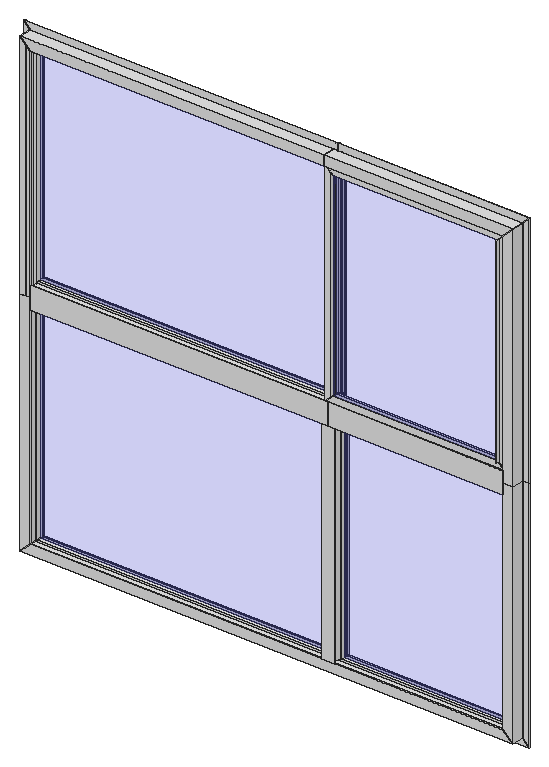
Revit family "531_XOAT_stucco-key", category Windows, host Wall, Revit 2016
Family settings
  Host = Wall
  OmniClass Number = 23.30.20.00
  OmniClass Title = Windows
  Always vertical = Yes
  Cut with Voids When Loaded = No
  Shared = No
  Room Calculation Point = No
Parameters (values of type "96x90")
  Vbs = 36"
  MLW = 1 / 8 * HBS  # 5 5/8"
  Interior Color [instance] = White
  Height = 90"
  HBS = 1 / 2 * Height  # 45"
  Exterior Color [instance] = White
  Default Sill Height = 31.49606"
  Wall Closure = By host
  Width = 96"
Reference planes (in)
  plane 1 "Center (Front/Back)": y = 0
  plane 2 "Center (Left/Right)": x = 0
  plane 3 "Left": x = -48
  plane 4 "Right": x = 48
  plane 5 "Sill": z = 31.49606
  plane 6 "Head": z = 121.49606
  plane 7 "Exterior": y = 3.93701
  plane 8 "Interior": y = -3.93701
  plane 9 "Front of wall": y = 3.93701
  plane 10 "Hbs": z = 76.49606
  plane 11 "Vbs": x = 12
  plane 12: z = 32.89506
  plane 13: z = 74.88606
  plane 14: z = 120.09606
  plane 15: z = 79.26906
  plane 16: z = 118.97106
  plane 17: x = -46.60043
  plane 18: x = 11.65748
  plane 19: x = 12.15652
  plane 20: x = 45.4786
  plane 21: x = 12.7501
  plane 22: x = 46.6001
  plane 23: x = 11.2499
  plane 24: x = 11.15652
  plane 25: z = 78.10506
  plane 26 "Front of glass": y = 4.55851
Forms (in)
  Extrusion 1, solid, material "White" <- "Interior Color"
    sketch origin (12, 0, 0) x (0, 0, 1) y (0, -1, 0)
      loop
        line (33.39606, -1.50201) -> (31.49606, -1.50201) -> (31.49606, -3.93701) -> (30.24606, -3.93701) -> (30.24606, -4.00201) -> (31.49606, -4.00201) -> (31.49606, -4.93701) -> (31.29606, -4.93701) -> (31.29606, -5.00201) -> (32.77106, -5.00201) -> (32.77106, -4.96191) -> (33.33406, -4.96191) -> (33.33406, -4.59801) -> (33.35932, -4.55851) -> (32.89506, -4.55851) -> (32.89506, -3.81451) -> (33.39606, -3.81451) -> (33.39606, -3.20201) -> (33.05106, -3.20201) -> (33.05106, -1.70201) -> (33.39606, -1.70201) -> (33.39606, -1.50201)
    from 37.25 to -61.25
  Extrusion 2, solid, material "White" <- "Interior Color"
    sketch origin (12, 0, 0) x (0, 0, 1) y (0, -1, 0)
      loop
        line (78.60606, -1.50201) -> (74.38606, -1.50201) -> (74.38606, -1.70201) -> (74.73115, -1.70201) -> (74.73115, -3.20201) -> (74.38606, -3.20201) -> (74.38606, -3.81451) -> (74.88606, -3.81451) -> (74.88606, -4.55851) -> (74.42281, -4.55851) -> (74.44806, -4.59801) -> (74.44806, -4.96191) -> (75.01106, -4.96191) -> (75.01106, -5.00201) -> (77.98106, -5.00201) -> (77.98106, -4.96191) -> (78.54406, -4.96191) -> (78.54406, -4.59801) -> (78.56932, -4.55851) -> (78.10506, -4.55851) -> (78.10506, -3.81451) -> (78.60606, -3.81451) -> (78.60606, -3.20201) -> (78.23106, -3.20201) -> (78.23106, -1.70201) -> (78.60606, -1.70201) -> (78.60606, -1.50201)
    from 0 to -60
  Extrusion 3, solid, material "White" <- "Interior Color"
    sketch origin (12, 0, 0) x (0, 0, 1) y (0, -1, 0)
      loop
        line (121.49606, -1.50201) -> (119.59606, -1.50201) -> (119.59606, -1.70201) -> (120.47106, -1.70201) -> (120.47106, -3.20201) -> (119.59606, -3.20201) -> (119.59606, -3.81451) -> (120.09606, -3.81451) -> (120.09606, -4.55851) -> (119.63281, -4.55851) -> (119.65806, -4.59801) -> (119.65806, -4.96191) -> (120.22106, -4.96191) -> (120.22106, -5.00201) -> (121.69606, -5.00201) -> (121.69606, -4.93701) -> (121.49606, -4.93701) -> (121.49606, -4.00201) -> (122.74606, -4.00201) -> (122.74606, -3.93701) -> (121.49606, -3.93701) -> (121.49606, -1.50201)
    from 0 to -61.25
  Extrusion 4, solid, material "White" <- "Interior Color"
    sketch origin (12, 0, 0) x (0, 0, 1) y (0, -1, 0)
      loop
        line (78.60606, -1.50201) -> (74.38606, -1.50201) -> (74.38606, -1.70201) -> (74.73115, -1.70201) -> (74.73115, -3.20201) -> (74.38606, -3.20201) -> (74.38606, -3.81451) -> (74.88606, -3.81451) -> (74.88606, -4.55851) -> (74.42281, -4.55851) -> (74.44806, -4.59801) -> (74.44806, -4.96191) -> (75.01106, -4.96191) -> (75.01106, -5.00201) -> (77.98106, -5.00201) -> (77.98106, -3.75201) -> (78.60606, -3.75201) -> (78.60606, -3.10201) -> (79.70706, -3.10201) -> (79.70706, -2.72801) -> (79.73232, -2.68851) -> (79.26906, -2.68851) -> (79.26906, -1.94451) -> (79.76906, -1.94451) -> (79.76906, -1.70201) -> (78.60606, -1.70201) -> (78.60606, -1.50201)
    from -0.84348 to 36
  Extrusion 5, solid, material "White" <- "Interior Color"
    sketch origin (12, 0, 0) x (0, 0, 1) y (0, -1, 0)
      loop
        line (119.59606, -1.50201) -> (119.59606, -1.70201) -> (118.47106, -1.70201) -> (118.47106, -1.94451) -> (118.97106, -1.94451) -> (118.97106, -2.68851) -> (118.50781, -2.68851) -> (118.53306, -2.72801) -> (118.53306, -3.10201) -> (119.59606, -3.10201) -> (119.59606, -3.75201) -> (120.22106, -3.75201) -> (120.22106, -5.00201) -> (121.69606, -5.00201) -> (121.69606, -4.93701) -> (121.49606, -4.93701) -> (121.49606, -4.00201) -> (122.74606, -4.00201) -> (122.74606, -3.93701) -> (121.49606, -3.93701) -> (121.49606, -1.50201) -> (119.59606, -1.50201)
    from -0.84348 to 37.25
  Extrusion 6, solid, material "White" <- "Interior Color"
    sketch origin (0, 0, 76.49606) x (-1, 0, 0) y (0, -1, 0)
      loop
        line (48, -1.50201) -> (46.1, -1.50201) -> (46.1, -1.70201) -> (46.975, -1.70201) -> (46.975, -3.20201) -> (46.10043, -3.20201) -> (46.10043, -3.81451) -> (46.60043, -3.81451) -> (46.60043, -4.55851) -> (46.13717, -4.55851) -> (46.16243, -4.59801) -> (46.16243, -4.96191) -> (46.725, -4.96191) -> (46.725, -5.00201) -> (48.2, -5.00201) -> (48.2, -4.93701) -> (48, -4.93701) -> (48, -4.00201) -> (49.25, -4.00201) -> (49.25, -3.93701) -> (48, -3.93701) -> (48, -1.50201)
    from 0 to 46.25
  Extrusion 7, solid, material "White" <- "Interior Color"
    sketch origin (0, 0, 76.49606) x (-1, 0, 0) y (0, -1, 0)
      loop
        line (-11.15652, -1.70204) -> (-12.58652, -1.70204) -> (-12.58652, -1.32659) -> (-12.65652, -1.25659) -> (-12.65652, -1.94454) -> (-12.15652, -1.94454) -> (-12.15652, -2.68854) -> (-12.61977, -2.68854) -> (-12.59452, -2.72804) -> (-12.59452, -3.20201) -> (-12.78144, -3.20201) -> (-12.78144, -3.65199) -> (-13.19644, -3.65199) -> (-13.19644, -3.75199) -> (-12.78147, -3.75199) -> (-12.78147, -4.25198) -> (-13.19648, -4.25198) -> (-13.19648, -4.35201) -> (-12.78152, -4.35201) -> (-12.78152, -4.97206) -> (-11.78152, -4.97206) -> (-11.74374, -4.96193) -> (-11.21848, -4.96193) -> (-11.21848, -4.59804) -> (-11.19323, -4.55854) -> (-11.65748, -4.55854) -> (-11.65748, -3.81454) -> (-11.15652, -3.81454) -> (-11.15652, -1.70204)
    from 0 to 45
  Extrusion 8, solid, material "White" <- "Interior Color"
    sketch origin (0, 0, 76.49606) x (-1, 0, 0) y (0, -1, 0)
      loop
        line (-48, -1.50201) -> (-48, -3.93701) -> (-49.25, -3.93701) -> (-49.25, -4.00201) -> (-48, -4.00201) -> (-48, -4.93701) -> (-48.2, -4.93701) -> (-48.2, -5.00201) -> (-46.72562, -5.00201) -> (-46.72562, -4.25201) -> (-46.85, -4.25201) -> (-46.85, -3.75201) -> (-46.1, -3.75201) -> (-46.1, -3.10201) -> (-45.0396, -3.10201) -> (-45.0396, -2.72801) -> (-45.01435, -2.68851) -> (-45.4786, -2.68851) -> (-45.4786, -1.94451) -> (-44.9776, -1.94451) -> (-44.9776, -1.26451) -> (-45.0476, -1.32656) -> (-45.0476, -1.70201) -> (-46.1, -1.70201) -> (-46.1, -1.50201) -> (-48, -1.50201)
    from 0 to 46.25
  Extrusion 9, solid, material "White" <- "Interior Color"
    sketch origin (0, 0, 31.49606) x (0, -1, 0) y (1, 0, 0)
      loop
        line (-1.50201, -48) -> (-1.50201, -46.1) -> (-1.70201, -46.1) -> (-1.70201, -46.445) -> (-3.20201, -46.445) -> (-3.20201, -46.1001) -> (-3.81451, -46.1001) -> (-3.81451, -46.60043) -> (-4.55851, -46.60043) -> (-4.55851, -46.13685) -> (-4.59801, -46.1621) -> (-4.96191, -46.1621) -> (-4.96191, -46.725) -> (-5.00201, -46.725) -> (-5.00201, -48.2) -> (-4.93701, -48.2) -> (-4.93701, -48) -> (-4.00201, -48) -> (-4.00201, -49.25) -> (-3.93701, -49.25) -> (-3.93701, -48) -> (-1.50201, -48)
    from -1.25 to 45
  Extrusion 10, solid, material "White" <- "Interior Color"
    sketch origin (0, 0, 31.49606) x (0, -1, 0) y (1, 0, 0)
      loop
        line (-1.50201, 10.7499) -> (-1.50201, 13.2501) -> (-1.70201, 13.2501) -> (-1.70201, 12.9051) -> (-3.20201, 12.9051) -> (-3.20201, 13.2501) -> (-3.81451, 13.2501) -> (-3.81451, 12.7501) -> (-4.55851, 12.7501) -> (-4.55851, 13.21336) -> (-4.59801, 13.1881) -> (-4.96191, 13.1881) -> (-4.96191, 12.6251) -> (-5.00201, 12.6251) -> (-5.00201, 11.3749) -> (-4.96191, 11.3749) -> (-4.96191, 10.8119) -> (-4.59523, 10.8119) -> (-4.55851, 10.78664) -> (-4.55851, 11.2499) -> (-3.81451, 11.2499) -> (-3.81451, 10.7499) -> (-3.20201, 10.7499) -> (-3.20201, 11.095) -> (-1.70201, 11.095) -> (-1.70201, 10.7499) -> (-1.50201, 10.7499)
    from 0 to 45
  Extrusion 11, solid, material "White" <- "Interior Color"
    sketch origin (0, 0, 31.49606) x (0, -1, 0) y (1, 0, 0)
      loop
        line (-1.50201, 46.1) -> (-1.50201, 48) -> (-3.93701, 48) -> (-3.93701, 49.25) -> (-4.00201, 49.25) -> (-4.00201, 48) -> (-4.93701, 48) -> (-4.93701, 48.2) -> (-5.00201, 48.2) -> (-5.00201, 46.725) -> (-4.96191, 46.725) -> (-4.96191, 46.1621) -> (-4.59801, 46.1621) -> (-4.55851, 46.13685) -> (-4.55851, 46.6001) -> (-3.81451, 46.6001) -> (-3.81451, 46.1001) -> (-3.20201, 46.1001) -> (-3.20201, 46.4451) -> (-1.70201, 46.4451) -> (-1.70201, 46.1) -> (-1.50201, 46.1)
    from -1.25 to 45
  Sweep 12, void
    path in 3D
      loop
        line (45.98854, 7.86527, 121.49606) -> (45.98854, 3.93701, 121.49606)
    profile origin (45.98854, 5.90114, 121.49606) x (1, 0, 0) y (0, 0, 1)
      loop
        line (3.71328, 1.70182) -> (-1.78672, -3.79818) -> (3.71328, -3.79818) -> (3.71328, 1.70182)
  Sweep 13, void
    path in 3D
      loop
        line (45.98854, 7.86527, 121.49606) -> (45.98854, 3.93701, 121.49606)
    profile origin (45.98854, 5.90114, 121.49606) x (1, 0, 0) y (0, 0, 1)
      loop
        line (3.78138, 1.76992) -> (-2.21862, 1.76992) -> (-2.21862, -4.23008) -> (3.78138, 1.76992)
  Sweep 14, void
    path in 3D
      loop
        line (46.28475, 7.75614, 76.49606) -> (46.28475, 3.93701, 76.49606)
    profile origin (46.28475, 5.84657, 76.49606) x (1, 0, 0) y (0, 0, 1)
      loop
        line (-0.18475, 2.11) -> (-1.85785, 3.7831) -> (-1.85785, -3.7831) -> (0.44025, -1.485) -> (0.44025, 1.485) -> (-0.18475, 1.485) -> (-0.18475, 2.11)
  Sweep 15, void
    path in 3D
      loop
        line (46.28475, 7.75614, 76.49606) -> (46.28475, 3.93701, 76.49606)
    profile origin (46.28475, 5.84657, 76.49606) x (1, 0, 0) y (0, 0, 1)
      loop
        line (-0.18475, 2.11) -> (-0.18475, 1.485) -> (0.44025, 1.485) -> (0.44025, -1.48689) -> (-0.97397, -2.90111) -> (3.52603, -2.90111) -> (3.52603, 3.70747) -> (-1.78222, 3.70747) -> (-0.18475, 2.11)
  Sweep 16, void
    path in 3D
      loop
        line (10.55578, 7.52813, 76.49606) -> (10.55578, 3.93701, 76.49606)
    profile origin (10.55578, 5.73257, 76.49606) x (1, 0, 0) y (0, 0, 1)
      loop
        line (0.41443, 2.29627) -> (1.2257, 1.485) -> (1.63659, 1.485) -> (1.63659, -1.485) -> (0.81911, -1.485) -> (-0.08589, -2.39) -> (2.22573, -2.39) -> (2.22573, 2.29627) -> (0.41443, 2.29627)
  Sweep 17, void
    path in 3D
      loop
        line (10.55578, 7.52813, 76.49606) -> (10.55578, 3.93701, 76.49606)
    profile origin (10.55578, 5.73257, 76.49606) x (1, 0, 0) y (0, 0, 1)
      loop
        line (-0.28951, 3.00021) -> (-0.28951, -2.59362) -> (0.81911, -1.485) -> (1.44422, -1.485) -> (1.44422, 1.485) -> (1.2257, 1.485) -> (-0.28951, 3.00021)
  Sweep 18, void
    path in 3D
      loop
        line (10.55578, 7.52813, 76.49606) -> (10.55578, 3.93701, 76.49606)
    profile origin (10.55578, 5.73257, 76.49606) x (1, 0, 0) y (0, 0, 1)
      loop
        line (2.06932, -1.485) -> (0.28073, -1.485) -> (0.28073, -2.33191) -> (2.91622, -2.33191) -> (2.06932, -1.485)
  Sweep 19, void
    path in 3D
      loop
        line (10.27516, 7.65285, 121.49606) -> (10.27516, 3.93701, 121.49606)
    profile origin (10.27516, 5.79493, 121.49606) x (1, 0, 0) y (0, 0, 1)
      loop
        line (0.47484, -2.30648) -> (1.50632, -1.275) -> (1.72484, -1.275) -> (1.72484, 1.725) -> (0.47484, 1.725) -> (0.47484, -2.30648)
  Sweep 20, void
    path in 3D
      loop
        line (10.27516, 7.65285, 121.49606) -> (10.27516, 3.93701, 121.49606)
    profile origin (10.27516, 5.79493, 121.49606) x (1, 0, 0) y (0, 0, 1)
      loop
        line (0.75632, -2.025) -> (1.50632, -2.025) -> (1.50632, -1.275) -> (0.75632, -2.025)
  Sweep 21, void
    path in 3D
      loop
        line (-45.78676, 7.49986, 121.49606) -> (-45.78676, 3.93701, 121.49606)
    profile origin (-45.78676, 5.71843, 121.49606) x (1, 0, 0) y (0, 0, 1)
      loop
        line (-3.75093, 1.53769) -> (-3.75093, -2.46231) -> (0.24907, -2.46231) -> (-3.75093, 1.53769)
  Sweep 22, void
    path in 3D
      loop
        line (-45.78676, 7.49986, 121.49606) -> (-45.78676, 3.93701, 121.49606)
    profile origin (-45.78676, 5.71843, 121.49606) x (1, 0, 0) y (0, 0, 1)
      loop
        line (-3.82415, 1.61091) -> (0.42585, -2.63909) -> (0.42585, 1.61091) -> (-3.82415, 1.61091)
  Sweep 23, void
    path in 3D
      loop
        line (-45.28676, 7.49986, 76.49606) -> (-45.28676, 3.93701, 76.49606)
    profile origin (-45.28676, 5.71843, 76.49606) x (1, 0, 0) y (0, 0, 1)
      loop
        line (-0.50238, 2.42087) -> (-1.43824, 1.485) -> (-1.43824, -1.485) -> (-0.50238, -2.42087) -> (-0.50238, 2.42087)
  Sweep 24, void
    path in 3D
      loop
        line (-45.28676, 7.49986, 76.49606) -> (-45.28676, 3.93701, 76.49606)
    profile origin (-45.28676, 5.71843, 76.49606) x (1, 0, 0) y (0, 0, 1)
      loop
        line (-0.33302, 2.59022) -> (-2.91324, 2.59022) -> (-2.91324, -2.51398) -> (-0.40926, -2.51398) -> (-1.43824, -1.485) -> (-1.43824, 1.485) -> (-0.33302, 2.59022)
  Sweep 25, void
    path in 3D
      loop
        line (-44.88253, 7.34396, 31.49606) -> (-44.88253, 3.93701, 31.49606)
    profile origin (-44.88253, 5.64048, 31.49606) x (1, 0, 0) y (0, 0, 1)
      loop
        line (-4.91208, -1.7946) -> (-0.30161, -1.7946) -> (-0.30161, 2.81586) -> (-4.91208, -1.7946)
  Sweep 26, void
    path in 3D
      loop
        line (-44.88253, 7.34396, 31.49606) -> (-44.88253, 3.93701, 31.49606)
    profile origin (-44.88253, 5.64048, 31.49606) x (1, 0, 0) y (0, 0, 1)
      loop
        line (-4.90516, -1.78769) -> (-0.65516, 2.46231) -> (-4.90516, 2.46231) -> (-4.90516, -1.78769)
  Sweep 27, void
    path in 3D
      loop
        line (13.1881, 7.52813, 31.49606) -> (13.1881, 3.93701, 31.49606)
    profile origin (13.1881, 5.73257, 31.49606) x (1, 0, 0) y (0, 0, 1)
      loop
        line (-2.5775, 2.03929) -> (-1.81321, 1.275) -> (-0.563, 1.275) -> (0.20129, 2.03929) -> (-2.5775, 2.03929)
  Sweep 28, void
    path in 3D
      loop
        line (13.1881, 7.52813, 31.49606) -> (13.1881, 3.93701, 31.49606)
    profile origin (13.1881, 5.73257, 31.49606) x (1, 0, 0) y (0, 0, 1)
      loop
        line (-2.79385, 2.25565) -> (-2.79385, -0.51924) -> (0.30068, -0.51924) -> (0.30068, 2.13868) -> (-0.563, 1.275) -> (-1.81321, 1.275) -> (-2.79385, 2.25565)
  Sweep 29, void
    path in 3D
      loop
        line (46.89277, 7.75614, 31.49606) -> (46.89277, 3.93701, 31.49606)
    profile origin (46.89277, 5.84657, 31.49606) x (1, 0, 0) y (0, 0, 1)
      loop
        line (3.12078, -2.01356) -> (-1.53186, 2.63909) -> (-1.53186, -2.01356) -> (3.12078, -2.01356)
  Sweep 30, void
    path in 3D
      loop
        line (46.89277, 7.75614, 31.49606) -> (46.89277, 3.93701, 31.49606)
    profile origin (46.89277, 5.84657, 31.49606) x (1, 0, 0) y (0, 0, 1)
      loop
        line (2.75588, -1.64865) -> (2.75588, 2.35135) -> (-1.24412, 2.35135) -> (2.75588, -1.64865)
  Extrusion 31, void
    sketch origin (0, 3.93701, 0) x (1, 0, 0) y (0, 0, 1)
      loop
        line (-44.94619, 118.44226) -> (-50.69619, 124.19226) -> (-50.69619, 118.44226) -> (-44.94619, 118.44226)
    from 0 to 12
  Extrusion 32, void
    sketch origin (0, 3.93701, 0) x (1, 0, 0) y (0, 0, 1)
      loop
        line (-45.45876, 118.95482) -> (-45.45876, 122.95482) -> (-49.45876, 122.95482) -> (-45.45876, 118.95482)
    from 0 to 12
  Extrusion 33, void
    sketch origin (0, 3.93701, 0) x (1, 0, 0) y (0, 0, 1)
      loop
        line (-46.1, 79.10606) -> (-51.1, 79.10606) -> (-51.1, 74.10606) -> (-46.1, 74.10606) -> (-46.1, 79.10606)
    from 0 to 12
  Extrusion 34, void
    sketch origin (0, 3.93701, 0) x (1, 0, 0) y (0, 0, 1)
      loop
        line (-49.34835, 30.14771) -> (-45.34835, 34.14771) -> (-49.34835, 34.14771) -> (-49.34835, 30.14771)
    from 0 to 12
  Extrusion 35, void
    sketch origin (0, 3.93701, 0) x (1, 0, 0) y (0, 0, 1)
      loop
        line (-50, 29.49606) -> (-44.88253, 29.49606) -> (-44.88253, 34.61354) -> (-50, 29.49606)
    from 0 to 12
  Extrusion 36, void
    sketch origin (0, 3.93701, 0) x (1, 0, 0) y (0, 0, 1)
      loop
        line (9.4361, 33.39606) -> (9.4361, 30.39606) -> (14.6861, 30.39606) -> (14.6861, 33.39606) -> (9.4361, 33.39606)
    from 0 to 12
  Extrusion 37, void
    sketch origin (0, 3.93701, 0) x (1, 0, 0) y (0, 0, 1)
      loop
        line (44.81231, 34.68375) -> (44.81231, 29.68375) -> (49.81231, 29.68375) -> (44.81231, 34.68375)
    from 0 to 12
  Extrusion 38, void
    sketch origin (0, 3.93701, 0) x (1, 0, 0) y (0, 0, 1)
      loop
        line (45.20876, 34.28731) -> (49.45876, 30.03731) -> (49.45876, 34.28731) -> (45.20876, 34.28731)
    from 0 to 12
  Extrusion 39, void
    sketch origin (-0.53993, 3.93701, 0) x (1, 0, 0) y (0, 0, 1)
      loop
        line (11.69644, 123.14074) -> (11.69644, 119.59606) -> (12.07148, 119.59606) -> (13.19648, 118.47106) -> (14.57635, 118.47106) -> (14.57635, 123.14074) -> (11.69644, 123.14074)
    from 0 to 12
  Extrusion 40, void
    sketch origin (0, 3.93701, 0) x (1, 0, 0) y (0, 0, 1)
      loop
        line (12.65652, 79.76906) -> (11.49352, 78.60606) -> (11.15652, 78.60606) -> (11.15652, 74.38606) -> (13.65652, 74.38606) -> (13.65652, 79.76906) -> (12.65652, 79.76906)
    from 0 to 12
  Sweep 41, void
    path in 3D
      loop
        line (10.55578, 7.52813, 76.49606) -> (10.55578, 3.93701, 76.49606)
    profile origin (10.55578, 5.73257, 76.49606) x (1, 0, 0) y (0, 0, 1)
      loop
        line (2.06932, -1.485) -> (3.18366, -2.59934) -> (3.18366, 0.15066) -> (1.25274, 0.15066) -> (1.25274, -1.485) -> (2.06932, -1.485)
  Extrusion 42, void
    sketch origin (0, 3.93701, 0) x (1, 0, 0) y (0, 0, 1)
      loop
        line (50.50984, 124.00591) -> (44.28769, 117.78375) -> (50.50984, 117.78375) -> (50.50984, 124.00591)
    from 0 to 12
  Extrusion 43, void
    sketch origin (0, 3.93701, 0) x (1, 0, 0) y (0, 0, 1)
      loop
        line (51.75, 125.24606) -> (44.21785, 125.24606) -> (44.21785, 117.71391) -> (51.75, 125.24606)
    from 0 to 12
  Extrusion 44, void
    sketch origin (0, 3.93701, 0) x (1, 0, 0) y (0, 0, 1)
      loop
        line (44.58479, 80.16187) -> (44.58479, 74.38606) -> (46.1, 74.38606) -> (46.1, 78.60606) -> (46.1406, 78.60606) -> (44.58479, 80.16187)
    from 0 to 12
  Extrusion 45, void
    sketch origin (0, 3.93701, 0) x (1, 0, 0) y (0, 0, 1)
      loop
        line (44.32248, 80.42418) -> (46.1, 78.64667) -> (46.1, 73.89667) -> (48.99316, 73.89667) -> (48.99316, 80.42418) -> (44.32248, 80.42418)
    from 0 to 12
  Extrusion 46, solid, material "Glass"
    sketch origin (12, 0, 0) x (0, 0, 1) y (0, -1, 0)
      loop
        line (78.10506, -4.55851) -> (120.09606, -4.55851) -> (120.09606, -3.81451) -> (78.10506, -3.81451) -> (78.10506, -4.55851)
    from -0.34252 to -58.60043
  Extrusion 47, solid, material "Glass"
    sketch origin (12, 0, 0) x (0, 0, 1) y (0, -1, 0)
      loop
        line (74.88606, -4.55851) -> (74.88606, -3.81451) -> (32.89506, -3.81451) -> (32.89506, -4.55851) -> (74.88606, -4.55851)
    from -0.7501 to -58.60043
  Extrusion 48, solid, material "Glass"
    sketch origin (12, 0, 0) x (0, 0, 1) y (0, -1, 0)
      loop
        line (118.97106, -1.94451) -> (79.26906, -1.94451) -> (79.26906, -2.68851) -> (118.97106, -2.68851) -> (118.97106, -1.94451)
    from 0.15652 to 33.4786
  Extrusion 49, solid, material "Glass"
    sketch origin (12, 0, 0) x (0, 0, 1) y (0, -1, 0)
      loop
        line (32.89506, -4.55851) -> (74.88606, -4.55851) -> (74.88606, -3.81451) -> (32.89506, -3.81451) -> (32.89506, -4.55851)
    from 0.7501 to 34.6001
  Extrusion 50, void
    sketch origin (0, 3.93701, 0) x (1, 0, 0) y (0, 0, 1)
      loop
        line (12.65652, 118.4711) -> (11.53155, 119.59606) -> (11.15652, 119.59606) -> (11.15652, 118.09606) -> (12.65652, 118.09606) -> (12.65652, 118.4711)
    from 0 to 12
  Extrusion 51, void
    sketch origin (0, 3.93701, 0) x (1, 0, 0) y (0, 0, 1)
      loop
        line (12.65652, 79.76906) -> (11.15652, 79.76906) -> (11.15652, 78.60606) -> (11.49352, 78.60606) -> (12.65652, 79.76906)
    from 0 to 12
  Extrusion 52, void
    sketch origin (0, 3.93701, 0) x (1, 0, 0) y (0, 0, 1)
      loop
        line (10.7499, 74.38606) -> (12, 74.38606) -> (12, 78.60606) -> (10.7499, 78.60606) -> (10.7499, 74.38606)
    from 0 to 12
Cuts and joins
  Sweep 12, Sweep 19, Extrusion 42, Extrusion 50 cuts Extrusion 5
  Sweep 13, Sweep 14, Extrusion 43, Extrusion 44 cuts Extrusion 8
  Sweep 14, Sweep 29, Extrusion 37, Extrusion 44 cuts Extrusion 11
  Sweep 15, Sweep 17, Sweep 18, Extrusion 45, Extrusion 51, Extrusion 52 cuts Extrusion 4
  Sweep 16, Sweep 24, Extrusion 33, Extrusion 51 cuts Extrusion 2
  Sweep 17, Sweep 19, Extrusion 39, Extrusion 40, Sweep 41, Extrusion 52 cuts Extrusion 7
  Sweep 17, Sweep 28, Extrusion 36, Extrusion 40, Sweep 41, Extrusion 52 cuts Extrusion 10
  Sweep 20, Sweep 21, Extrusion 31, Extrusion 39 cuts Extrusion 3
  Sweep 22, Sweep 23, Extrusion 32 cuts Extrusion 6
  Sweep 23, Sweep 25, Extrusion 35 cuts Extrusion 9
  Sweep 26, Sweep 27, Sweep 30, Extrusion 34, Extrusion 38 cuts Extrusion 1
  Extrusion 50, Extrusion 51, Extrusion 52 cuts Extrusion 46
  Extrusion 50, Extrusion 51 cuts Extrusion 48
  Extrusion 51, Extrusion 52 cuts Extrusion 47
Lines and regions (in)
  Opening 1
    outline origin (137.79528, -3.93701, 0) x (1, 0, 0) y (0, 0, 1)
      loop
        line (-89.79528, 31.49606) -> (-89.79528, 121.49606) -> (-185.79528, 121.49606) -> (-185.79528, 31.49606) -> (-89.79528, 31.49606)
  reference lines
    curve 1: line (-45.78676, 7.49986, 121.49606) -> (-45.78676, 3.93701, 121.49606)
    curve 2: line (-45.28676, 7.49986, 76.49606) -> (-45.28676, 3.93701, 76.49606)
    curve 3: line (-44.88253, 7.34396, 31.49606) -> (-44.88253, 3.93701, 31.49606)
    curve 4: line (10.27516, 7.65285, 121.49606) -> (10.27516, 3.93701, 121.49606)
    curve 5: line (10.55578, 7.52813, 76.49606) -> (10.55578, 3.93701, 76.49606)
    curve 6: line (13.1881, 7.52813, 31.49606) -> (13.1881, 3.93701, 31.49606)
    curve 7: line (45.98854, 7.86527, 121.49606) -> (45.98854, 3.93701, 121.49606)
    curve 8: line (46.28475, 7.75614, 76.49606) -> (46.28475, 3.93701, 76.49606)
    curve 9: line (46.89277, 7.75614, 31.49606) -> (46.89277, 3.93701, 31.49606)
    curve 33: line (-15.5, 4.93055, 102.30056) -> (-20.5, 4.93055, 102.30056)
    curve 34: line (-15.5, 4.93055, 97.30056) -> (-15.5, 4.93055, 102.30056)
    curve 35: line (-20.5, 4.93055, 97.30056) -> (-15.5, 4.93055, 97.30056)
    curve 36: line (-20.5, 4.93055, 102.30056) -> (-20.5, 4.93055, 97.30056)
    curve 40: line (-18, 4.93055, 97.30056) -> (-18, 4.93055, 103.80056)
    curve 41: line (-15.5, 4.93055, 99.80056) -> (-23, 4.93055, 99.80056)
    curve 42: line (-15.5, 4.93055, 57.30056) -> (-20.5, 4.93055, 57.30056)
    curve 43: line (-15.5, 4.93055, 52.30056) -> (-15.5, 4.93055, 57.30056)
    curve 44: line (-20.5, 4.93055, 52.30056) -> (-15.5, 4.93055, 52.30056)
    curve 45: line (-20.5, 4.93055, 57.30056) -> (-20.5, 4.93055, 52.30056)
    curve 49: line (-18, 4.93055, 52.30056) -> (-18, 4.93055, 58.80056)
    curve 50: line (-15.5, 4.93055, 54.80056) -> (-23, 4.93055, 54.80056)
    curve 51: line (32.5, 4.93055, 56.49606) -> (27.5, 4.93055, 56.49606)
    curve 52: line (32.5, 4.93055, 51.49606) -> (32.5, 4.93055, 56.49606)
    curve 53: line (27.5, 4.93055, 51.49606) -> (32.5, 4.93055, 51.49606)
    curve 54: line (27.5, 4.93055, 56.49606) -> (27.5, 4.93055, 51.49606)
    curve 55: line (30, 4.93055, 51.49606) -> (30, 4.93055, 57.99606)
    curve 56: line (32.5, 4.93055, 53.99606) -> (25, 4.93055, 53.99606)
    curve 63: line (-15.5, 0, 101.49606) -> (-20.5, 0, 101.49606)
    curve 64: line (-15.5, 0, 96.49606) -> (-15.5, 0, 101.49606)
    curve 65: line (-20.5, 0, 96.49606) -> (-15.5, 0, 96.49606)
    curve 66: line (-20.5, 0, 101.49606) -> (-20.5, 0, 96.49606)
    curve 67: line (-18, 0, 96.49606) -> (-18, 0, 103.99606)
    curve 68: line (-15.5, 0, 98.99606) -> (-22.5, 0, 98.99606)
    curve 72: line (-15.5, 0, 56.49606) -> (-20.5, 0, 56.49606)
    curve 73: line (-15.5, 0, 51.49606) -> (-15.5, 0, 56.49606)
    curve 74: line (-20.5, 0, 51.49606) -> (-15.5, 0, 51.49606)
    curve 75: line (-20.5, 0, 56.49606) -> (-20.5, 0, 51.49606)
    curve 76: line (-18, 0, 51.49606) -> (-18, 0, 58.99606)
    curve 77: line (-15.5, 0, 53.99606) -> (-22.5, 0, 53.99606)
    curve 81: line (32.5, 0, 56.49606) -> (27.5, 0, 56.49606)
    curve 82: line (32.5, 0, 51.49606) -> (32.5, 0, 56.49606)
    curve 83: line (27.5, 0, 51.49606) -> (32.5, 0, 51.49606)
    curve 84: line (27.5, 0, 56.49606) -> (27.5, 0, 51.49606)
    curve 85: line (30, 0, 51.49606) -> (30, 0, 58.99606)
    curve 86: line (32.5, 0, 53.99606) -> (25.5, 0, 53.99606)
  sketch lines
    curve 10: line (45.98854, 7.86527, 121.49606) -> (45.98854, 3.93701, 121.49606)
    curve 11: line (45.98854, 7.86527, 121.49606) -> (45.98854, 3.93701, 121.49606)
    curve 12: line (46.28475, 7.75614, 76.49606) -> (46.28475, 3.93701, 76.49606)
    curve 13: line (46.28475, 7.75614, 76.49606) -> (46.28475, 3.93701, 76.49606)
    curve 14: line (10.55578, 7.52813, 76.49606) -> (10.55578, 3.93701, 76.49606)
    curve 15: line (10.55578, 7.52813, 76.49606) -> (10.55578, 3.93701, 76.49606)
    curve 16: line (10.55578, 7.52813, 76.49606) -> (10.55578, 3.93701, 76.49606)
    curve 17: line (10.27516, 7.65285, 121.49606) -> (10.27516, 3.93701, 121.49606)
    curve 18: line (10.27516, 7.65285, 121.49606) -> (10.27516, 3.93701, 121.49606)
    curve 19: line (-45.78676, 7.49986, 121.49606) -> (-45.78676, 3.93701, 121.49606)
    curve 20: line (-45.78676, 7.49986, 121.49606) -> (-45.78676, 3.93701, 121.49606)
    curve 21: line (-45.28676, 7.49986, 76.49606) -> (-45.28676, 3.93701, 76.49606)
    curve 22: line (-45.28676, 7.49986, 76.49606) -> (-45.28676, 3.93701, 76.49606)
    curve 23: line (-44.88253, 7.34396, 31.49606) -> (-44.88253, 3.93701, 31.49606)
    curve 24: line (-44.88253, 7.34396, 31.49606) -> (-44.88253, 3.93701, 31.49606)
    curve 25: line (13.1881, 7.52813, 31.49606) -> (13.1881, 3.93701, 31.49606)
    curve 26: line (13.1881, 7.52813, 31.49606) -> (13.1881, 3.93701, 31.49606)
    curve 27: line (46.89277, 7.75614, 31.49606) -> (46.89277, 3.93701, 31.49606)
    curve 28: line (46.89277, 7.75614, 31.49606) -> (46.89277, 3.93701, 31.49606)
    curve 29: line (10.55578, 7.52813, 76.49606) -> (10.55578, 3.93701, 76.49606)
  model lines
    curve 30: line (43.5242, 3.93701, 98.99606) -> (14.5242, 3.93701, 98.99606)
    curve 31: line (14.5242, 3.93701, 98.99606) -> (18.50168, 3.93701, 102.97354)
    curve 32: line (14.5242, 3.93701, 98.99606) -> (18.50168, 3.93701, 95.01859)
    curve 37: line (-15.5, 4.93055, 102.30056) -> (-20.5, 4.93055, 97.30056)
    curve 38: line (-20.5, 4.93055, 99.80056) -> (-18, 4.93055, 102.30056)
    curve 39: line (-18, 4.93055, 97.30056) -> (-15.5, 4.93055, 99.80056)
    curve 46: line (-15.5, 4.93055, 57.30056) -> (-20.5, 4.93055, 52.30056)
    curve 47: line (-20.5, 4.93055, 54.80056) -> (-18, 4.93055, 57.30056)
    curve 48: line (-18, 4.93055, 52.30056) -> (-15.5, 4.93055, 54.80056)
    curve 57: line (27.5, 4.55851, 53.99606) -> (30, 4.55851, 56.49606)
    curve 58: line (27.5, 4.55851, 51.49606) -> (32.5, 4.55851, 56.49606)
    curve 59: line (30, 4.55851, 51.49606) -> (32.5, 4.55851, 53.99606)
  symbolic lines
    curve 60: line (14.5242, 3.93701, 98.99606) -> (43.5242, 3.93701, 98.99606)
    curve 61: line (18.50168, 3.93701, 102.97354) -> (14.5242, 3.93701, 98.99606)
    curve 62: line (18.50168, 3.93701, 95.01859) -> (14.5242, 3.93701, 98.99606)
    curve 69: line (-18, 0, 96.49606) -> (-15.5, 0, 98.99606)
    curve 70: line (-18, 0, 101.49606) -> (-20.5, 0, 98.99606)
    curve 71: line (-20.5, 0, 96.49606) -> (-15.5, 0, 101.49606)
    curve 78: line (-18, 0, 51.49606) -> (-15.5, 0, 53.99606)
    curve 79: line (-18, 0, 56.49606) -> (-20.5, 0, 53.99606)
    curve 80: line (-20.5, 0, 51.49606) -> (-15.5, 0, 56.49606)
    curve 87: line (30, 0, 51.49606) -> (32.5, 0, 53.99606)
    curve 88: line (30, 0, 56.49606) -> (27.5, 0, 53.99606)
    curve 89: line (27.5, 0, 51.49606) -> (32.5, 0, 56.49606)
Text (in)
  text "EXTERIOR" at (-77.29147, 52.45485, 0), in view "Ref. Level"
  text "INTERIOR" at (-78.01048, -32.21994, 0), in view "Ref. Level"
  text "Exterior" at (0, 36.36817, 115.8778), in view "Right"
  text "Exterior" at (0, 40.96394, 105.72475), in view "Left"
Dimensions and locks (in)
  equal spacing: plane 3 "Left", plane 2 "Center (Left/Right)", plane 4 "Right"
  "Width": plane 3 "Left" to plane 4 "Right"
  "Height": plane 5 "Sill" to plane 6 "Head"
  "Default Sill Height": plane 5 "Sill" to level
  locked: plane 7 "Exterior" to host wall at 0
  locked: plane 8 "Interior" to host wall
  "Vbs": plane 11 "Vbs" to plane 4 "Right"
  "HBS": plane 6 "Head" to plane 10 "Hbs"
  locked: plane 14 to plane 6 "Head" at 1.4
  locked: plane 10 "Hbs" to plane 13 at 1.61
  locked: plane 5 "Sill" to plane 12 at 1.399
  locked: plane 9 "Front of wall" to Extrusion 1 sketch curve at 2.435
  locked: Extrusion 1 sketch curve to Extrusion 1 sketch curve at 1.9
  locked: Extrusion 1 sketch curve to plane 5 "Sill" at 1.25
  locked: plane 10 "Hbs" to Extrusion 2 sketch curve at 2.11
  locked: Extrusion 2 sketch curve to plane 10 "Hbs" at 2.11
  locked: Extrusion 2 sketch curve to plane 10 "Hbs" at 2.048
  locked: plane 10 "Hbs" to Extrusion 2 sketch curve at 2.048
  locked: plane 9 "Front of wall" to Extrusion 3 sketch curve at 2.435
  locked: Extrusion 3 sketch curve to Extrusion 3 sketch curve at 1.9
  locked: plane 6 "Head" to Extrusion 3 sketch curve at 1.25
  locked: plane 15 to plane 10 "Hbs" at 2.773
  locked: plane 16 to plane 6 "Head" at 2.525
  locked: Extrusion 4 sketch curve to plane 10 "Hbs" at 2.11
  locked: plane 10 "Hbs" to Extrusion 4 sketch curve at 2.11
  locked: Extrusion 4 sketch curve to plane 10 "Hbs" at 1.485
  locked: plane 10 "Hbs" to Extrusion 4 sketch curve at 1.485
  locked: plane 6 "Head" to Extrusion 5 sketch curve at 1.25
  locked: plane 9 "Front of wall" to Extrusion 5 sketch curve at 2.435
  locked: Extrusion 5 sketch curve to Extrusion 5 sketch curve at 1.9
  locked: Extrusion 6 sketch curve to plane 3 "Left" at 1.25
  locked: Extrusion 6 sketch curve to plane 9 "Front of wall" at 2.435
  locked: Extrusion 6 sketch curve to Extrusion 6 sketch curve at 1.9
  locked: plane 20 to plane 4 "Right" at 2.5214
  locked: plane 11 "Vbs" to plane 19 at 0.15652
  locked: plane 18 to plane 11 "Vbs" at 0.34252
  locked: plane 3 "Left" to plane 17 at 1.39957
  locked: Extrusion 7 sketch curve to plane 9 "Front of wall" at 2.23497
  locked: Extrusion 7 sketch curve to Extrusion 7 sketch curve at 1.43
  locked: plane 11 "Vbs" to Extrusion 7 sketch curve at 0.65652
  locked: plane 11 "Vbs" to Extrusion 7 sketch curve at 0.78152
  locked: Extrusion 8 sketch curve to plane 9 "Front of wall" at 2.435
  locked: Extrusion 8 sketch curve to Extrusion 8 sketch curve at 1.9
  locked: plane 4 "Right" to Extrusion 8 sketch curve at 1.25
  locked: plane 11 "Vbs" to plane 21 at 0.7501
  locked: plane 22 to plane 4 "Right" at 1.3999
  locked: Extrusion 9 sketch curve to plane 3 "Left" at 1.25
  locked: Extrusion 9 sketch curve to plane 9 "Front of wall" at 2.435
  locked: Extrusion 9 sketch curve to Extrusion 9 sketch curve at 1.9
  locked: plane 11 "Vbs" to Extrusion 10 sketch curve at 0.6251
  locked: Extrusion 10 sketch curve to plane 11 "Vbs" at 0.6251
  locked: plane 11 "Vbs" to Extrusion 10 sketch curve at 1.2501
  locked: Extrusion 10 sketch curve to plane 11 "Vbs" at 1.2501
  locked: plane 23 to plane 11 "Vbs" at 0.7501
  locked: plane 4 "Right" to Extrusion 11 sketch curve at 1.25
  locked: Extrusion 11 sketch curve to plane 9 "Front of wall" at 2.435
  locked: Extrusion 11 sketch curve to Extrusion 11 sketch curve at 1.9
  locked: plane 11 "Vbs" to plane 24 at 0.84348
  locked: plane 25 to plane 10 "Hbs" at 1.609
  equal spacing: plane 10 "Hbs", curve 30, plane 6 "Head"
  locked: cut or joined group of Extrusion 2, Sweep 16, Sweep 24, Extrusion 33, Extrusion 51 to Extrusion 52 sketch curve at 1.2501
  locked: plane 26 "Front of glass" to plane 9 "Front of wall" at 0.6215
  plane 4 "Right" to plane 11 "Vbs" = 36"
  plane 11 "Vbs" to plane 3 "Left" = 60"
  locked: curve 32 to plane 11 "Vbs" at 2.5242
  "MLW": curve 32 to curve 31
  "MLW": curve 32 to curve 32
  locked: curve 30 to plane 4 "Right" at 4.4758
  equal spacing: curve 38, curve 37, curve 39
  locked: curve 34 to curve 36 at 5
  locked: curve 35 to curve 33 at 5
  equal spacing: curve 36, curve 40, curve 34
  equal spacing: curve 35, curve 41, curve 33
  equal spacing: curve 47, curve 46, curve 48
  locked: curve 43 to curve 45 at 5
  locked: curve 44 to curve 42 at 5
  equal spacing: curve 45, curve 49, curve 43
  equal spacing: curve 44, curve 50, curve 42
  locked: curve 52 to curve 54 at 5
  locked: curve 53 to curve 51 at 5
  equal spacing: curve 54, curve 55, curve 52
  equal spacing: curve 53, curve 56, curve 51
  equal spacing: plane 25, curve 41, plane 6 "Head"
  equal spacing: plane 3 "Left", curve 40, plane 11 "Vbs"
  equal spacing: plane 5 "Sill", curve 50, plane 25
  equal spacing: plane 3 "Left", curve 49, plane 11 "Vbs"
  equal spacing: plane 4 "Right", curve 55, plane 11 "Vbs"
  equal spacing: plane 5 "Sill", curve 56, plane 10 "Hbs"
  "MLW": curve 62 to curve 61
  "MLW": curve 62 to curve 62
  locked: curve 64 to curve 66 at 5
  locked: curve 65 to curve 63 at 5
  equal spacing: curve 66, curve 67, curve 64
  equal spacing: curve 65, curve 68, curve 63
  locked: curve 66 to curve 70 at 2.5
  locked: curve 66 to curve 69 at 2.5
  locked: curve 69 to curve 65 at 2.5
  locked: curve 70 to curve 65 at 2.5
  locked: curve 64 to curve 71 at 5
  locked: curve 73 to curve 75 at 5
  locked: curve 74 to curve 72 at 5
  equal spacing: curve 75, curve 76, curve 73
  equal spacing: curve 74, curve 77, curve 72
  locked: curve 75 to curve 79 at 2.5
  locked: curve 75 to curve 78 at 2.5
  locked: curve 78 to curve 74 at 2.5
  locked: curve 79 to curve 74 at 2.5
  locked: curve 73 to curve 80 at 5
  locked: curve 82 to curve 84 at 5
  locked: curve 83 to curve 81 at 5
  equal spacing: curve 84, curve 85, curve 82
  equal spacing: curve 83, curve 86, curve 81
  locked: curve 84 to curve 88 at 2.5
  locked: curve 84 to curve 87 at 2.5
  locked: curve 87 to curve 83 at 2.5
  locked: curve 88 to curve 83 at 2.5
  locked: curve 82 to curve 89 at 5
  equal spacing: plane 6 "Head", curve 68, plane 10 "Hbs"
  equal spacing: plane 11 "Vbs", curve 67, plane 3 "Left"
  equal spacing: plane 10 "Hbs", curve 77, plane 5 "Sill"
  equal spacing: plane 11 "Vbs", curve 76, plane 3 "Left"
  equal spacing: plane 4 "Right", curve 85, plane 11 "Vbs"
  equal spacing: plane 10 "Hbs", curve 86, plane 5 "Sill"
  locked: curve 31 to curve 30 (angle 45.00°)
  locked: curve 30 to curve 32 (angle 45.00°)
  aligned and locked: plane 9 "Front of wall" to host wall
  aligned and locked: Extrusion 1 sketch curve to plane 5 "Sill"  (x2)
  aligned and locked: Extrusion 1 sketch curve to plane 9 "Front of wall"
  aligned and locked: plane 12 to Extrusion 1 sketch curve
  aligned and locked: Extrusion 2 sketch curve to plane 13
  aligned and locked: plane 14 to Extrusion 3 sketch curve
  aligned and locked: Extrusion 3 sketch curve to plane 6 "Head"  (x2)
  aligned and locked: plane 9 "Front of wall" to Extrusion 3 sketch curve
  aligned and locked: Extrusion 4 sketch curve to plane 13
  aligned and locked: plane 15 to Extrusion 4 sketch curve
  aligned and locked: plane 16 to Extrusion 5 sketch curve
  aligned and locked: plane 9 "Front of wall" to Extrusion 5 sketch curve
  aligned and locked: Extrusion 5 sketch curve to plane 6 "Head"  (x2)
  aligned and locked: Extrusion 6 sketch curve to plane 9 "Front of wall"
  aligned and locked: Extrusion 6 sketch curve to plane 3 "Left"  (x2)
  aligned and locked: plane 17 to Extrusion 6 sketch curve
  aligned and locked: plane 19 to Extrusion 7 sketch curve
  aligned and locked: Extrusion 7 sketch curve to plane 18
  aligned and locked: plane 9 "Front of wall" to Extrusion 8 sketch curve
  aligned and locked: Extrusion 8 sketch curve to plane 4 "Right"  (x2)
  aligned and locked: plane 20 to Extrusion 8 sketch curve
  aligned and locked: Extrusion 9 sketch curve to plane 9 "Front of wall"
  aligned and locked: Extrusion 9 sketch curve to plane 3 "Left"  (x2)
  aligned and locked: plane 17 to Extrusion 9 sketch curve
  aligned and locked: Extrusion 10 sketch curve to plane 21
  aligned and locked: plane 23 to Extrusion 10 sketch curve
  aligned and locked: plane 9 "Front of wall" to Extrusion 11 sketch curve
  aligned and locked: Extrusion 11 sketch curve to plane 4 "Right"  (x2)
  aligned and locked: plane 22 to Extrusion 11 sketch curve
  aligned and locked: Extrusion 6 to Extrusion 3  (x2)
  aligned and locked: plane 11 "Vbs" to Extrusion 3
  aligned and locked: Extrusion 5 to Extrusion 8  (x2)
  aligned and locked: Extrusion 8 to plane 10 "Hbs"
  aligned and locked: plane 10 "Hbs" to Extrusion 11
  aligned and locked: Extrusion 4 to plane 4 "Right"
  aligned and locked: Extrusion 11 to Extrusion 1  (x2)
  aligned and locked: plane 5 "Sill" to Extrusion 10
  aligned and locked: Extrusion 1 to Extrusion 9  (x2)
  aligned and locked: Extrusion 7 to plane 10 "Hbs"
  aligned and locked: plane 10 "Hbs" to Extrusion 10
  aligned and locked: plane 11 "Vbs" to Extrusion 2
  aligned and locked: plane 3 "Left" to Extrusion 2
  aligned and locked: Extrusion 6 to plane 10 "Hbs"
  aligned and locked: Extrusion 9 to plane 10 "Hbs"
  aligned and locked: Extrusion 7 to plane 6 "Head"
  aligned and locked: plane 9 "Front of wall" to curve 9
  aligned and locked: plane 9 "Front of wall" to curve 8
  aligned and locked: plane 9 "Front of wall" to curve 7
  aligned and locked: plane 9 "Front of wall" to curve 6
  aligned and locked: plane 9 "Front of wall" to curve 5
  aligned and locked: plane 9 "Front of wall" to curve 4
  aligned and locked: plane 9 "Front of wall" to curve 3
  aligned and locked: plane 9 "Front of wall" to curve 2
  aligned and locked: plane 9 "Front of wall" to curve 1
  aligned and locked: cut or joined group of Extrusion 5, Sweep 12, Sweep 19, Extrusion 42, Extrusion 50 to plane 24
  aligned and locked: Extrusion 46 sketch curve to plane 14
  aligned and locked: plane 25 to Extrusion 2 sketch curve
  aligned and locked: plane 25 to Extrusion 46 sketch curve
  aligned and locked: plane 13 to Extrusion 47 sketch curve
  aligned and locked: Extrusion 47 sketch curve to plane 12
  aligned and locked: plane 15 to Extrusion 48 sketch curve
  aligned and locked: Extrusion 48 sketch curve to plane 16
  aligned and locked: Extrusion 49 sketch curve to plane 13
  aligned and locked: Extrusion 49 sketch curve to plane 12
  aligned and locked: Extrusion 46 to plane 18
  aligned and locked: plane 17 to Extrusion 46
  aligned and locked: Extrusion 48 to plane 20
  aligned and locked: plane 19 to Extrusion 48
  aligned and locked: plane 17 to Extrusion 47
  aligned and locked: Extrusion 47 to plane 23
  aligned and locked: plane 21 to Extrusion 49
  aligned and locked: Extrusion 49 to plane 22
  aligned and locked: Extrusion 39 to cut or joined group of Extrusion 5, Sweep 12, Sweep 19, Extrusion 42, Extrusion 50
  aligned and locked: cut or joined group of Extrusion 3, Sweep 20, Sweep 21, Extrusion 31, Extrusion 39 to Extrusion 50 sketch curve
  aligned and locked: cut or joined group of Extrusion 7, Sweep 17, Sweep 19, Extrusion 39, Extrusion 40, Sweep 41, Extrusion 52 to Extrusion 40 sketch curve
  aligned and locked: Extrusion 51 sketch curve to cut or joined group of Extrusion 7, Sweep 17, Sweep 19, Extrusion 39, Extrusion 40, Sweep 41, Extrusion 52
  aligned and locked: plane 11 "Vbs" to Extrusion 52 sketch curve
  aligned and locked: curve 33 to curve 36
  aligned and locked: curve 36 to curve 36
  aligned and locked: curve 34 to curve 34
  aligned and locked: curve 36 to curve 37
  aligned and locked: curve 37 to curve 33
  aligned and locked: curve 33 to curve 38
  aligned and locked: curve 36 to curve 38
  aligned and locked: curve 35 to curve 39
  aligned and locked: curve 34 to curve 39
  aligned and locked: curve 42 to curve 45
  aligned and locked: curve 45 to curve 45
  aligned and locked: curve 43 to curve 43
  aligned and locked: curve 45 to curve 46
  aligned and locked: curve 46 to curve 42
  aligned and locked: curve 42 to curve 47
  aligned and locked: curve 45 to curve 47
  aligned and locked: curve 44 to curve 48
  aligned and locked: curve 43 to curve 48
  aligned and locked: curve 51 to curve 54
  aligned and locked: curve 54 to curve 54
  aligned and locked: curve 52 to curve 52
  aligned and locked: curve 52 to curve 59
  aligned and locked: curve 53 to curve 55
  aligned and locked: curve 54 to curve 58
  aligned and locked: curve 52 to curve 58
  aligned and locked: curve 51 to curve 57
  aligned and locked: curve 54 to curve 57
  aligned and locked: curve 62 to curve 32
  aligned and locked: curve 61 to curve 31
  aligned and locked: curve 63 to curve 66
  aligned and locked: curve 66 to curve 66
  aligned and locked: curve 64 to curve 64
  aligned and locked: curve 66 to curve 70
  aligned and locked: curve 65 to curve 69
  aligned and locked: curve 64 to curve 69
  aligned and locked: curve 63 to curve 70
  aligned and locked: curve 64 to curve 71
  aligned and locked: curve 71 to curve 65
  aligned and locked: curve 72 to curve 75
  aligned and locked: curve 75 to curve 75
  aligned and locked: curve 73 to curve 73
  aligned and locked: curve 75 to curve 79
  aligned and locked: curve 74 to curve 78
  aligned and locked: curve 73 to curve 78
  aligned and locked: curve 72 to curve 79
  aligned and locked: curve 73 to curve 80
  aligned and locked: curve 80 to curve 74
  aligned and locked: curve 81 to curve 84
  aligned and locked: curve 84 to curve 84
  aligned and locked: curve 82 to curve 82
  aligned and locked: curve 84 to curve 88
  aligned and locked: curve 83 to curve 87
  aligned and locked: curve 82 to curve 87
  aligned and locked: curve 81 to curve 88
  aligned and locked: curve 82 to curve 89
  aligned and locked: curve 89 to curve 83
Automatic sketch dimensions
  curve 9 to plane 22 = 0.29267"
  curve 6 to plane 21 = 0.438"
  host wall to curve 6 = 3.59112"
  curve 1 to plane 17 = 0.81367"
  host wall to curve 1 = 3.56285"
  plane 23 to curve 4 = 0.97474"
  host wall to curve 4 = 3.71584"
  curve 7 to plane 20 = 0.50994"
  host wall to curve 7 = 3.92826"
  host wall to curve 9 = 3.81913"
  host wall to curve 3 = 3.40695"
  curve 3 to plane 17 = 1.71791"
  plane 22 to curve 8 = 0.31535"
  plane 23 to curve 5 = 0.69411"
  curve 2 to plane 17 = 1.31367"
  host wall to curve 2 = 3.56285"
  host wall to curve 5 = 3.59112"
  host wall to curve 8 = 3.81913"
  profile plane to Sweep 12 sketch curve = 1.78672"
  Sweep 12 sketch curve to profile plane = 3.79818"
  Sweep 12 sketch curve to profile plane = 3.71328"
  profile plane to Sweep 12 sketch curve = 1.70182"
  profile plane to Sweep 13 sketch curve = 2.21862"
  Sweep 13 sketch curve to profile plane = 4.23008"
  Sweep 13 sketch curve to profile plane = 3.78138"
  profile plane to Sweep 13 sketch curve = 1.76992"
  profile plane to Sweep 15 sketch curve = 0.97397"
  profile plane to Sweep 15 sketch curve = 0.18475"
  Sweep 15 sketch curve to profile plane = 0.44025"  (x2)
  Sweep 15 sketch curve to Sweep 15 sketch curve = 3.08579"
  Sweep 15 sketch curve to profile plane = 2.90111"
  Sweep 15 sketch curve to profile plane = 1.48689"
  profile plane to Sweep 15 sketch curve = 1.485"
  Sweep 15 sketch curve to Sweep 15 sketch curve = 5/8"
  profile plane to Sweep 15 sketch curve = 1.78222"
  profile plane to Sweep 15 sketch curve = 3.70747"
  profile plane to Sweep 14 sketch curve = 1.85785"
  profile plane to Sweep 14 sketch curve = 0.18475"
  Sweep 14 sketch curve to profile plane = 0.44025"
  profile plane to Sweep 14 sketch curve = 1.485"
  Sweep 14 sketch curve to Sweep 14 sketch curve = 5/8"
  Sweep 14 sketch curve to Sweep 14 sketch curve = 1.6731"
  Sweep 14 sketch curve to profile plane = 1.485"
  Sweep 14 sketch curve to Sweep 14 sketch curve = 2.2981"
  Sweep 16 sketch curve to profile plane = 0.41443"
  Sweep 16 sketch curve to profile plane = 0.81911"
  Sweep 16 sketch curve to Sweep 16 sketch curve = 0.81127"  (x2)
  Sweep 16 sketch curve to Sweep 16 sketch curve = 0.81748"
  Sweep 16 sketch curve to Sweep 16 sketch curve = 0.58914"
  Sweep 16 sketch curve to profile plane = 1.485"
  profile plane to Sweep 16 sketch curve = 1.485"
  profile plane to Sweep 16 sketch curve = 0.08589"
  Sweep 16 sketch curve to Sweep 16 sketch curve = 0.905"
  Sweep 20 sketch curve to profile plane = 1.50632"
  Sweep 20 sketch curve to profile plane = 1.275"
  Sweep 20 sketch curve to Sweep 20 sketch curve = 3/4"  (x2)
  Sweep 21 sketch curve to profile plane = 0.24907"
  Sweep 21 sketch curve to profile plane = 2.46231"
  profile plane to Sweep 21 sketch curve = 1.53769"
  profile plane to Sweep 21 sketch curve = 3.75093"
  Sweep 22 sketch curve to profile plane = 0.42585"
  Sweep 22 sketch curve to profile plane = 2.63909"
  profile plane to Sweep 22 sketch curve = 3.82415"
  profile plane to Sweep 22 sketch curve = 1.61091"
  profile plane to Sweep 23 sketch curve = 1.43824"
  Sweep 23 sketch curve to profile plane = 1.485"
  profile plane to Sweep 23 sketch curve = 1.485"
  profile plane to Sweep 23 sketch curve = 0.50238"
  Sweep 23 sketch curve to Sweep 23 sketch curve = 0.93587"  (x2)
  profile plane to Sweep 24 sketch curve = 2.91324"
  profile plane to Sweep 24 sketch curve = 1.43824"
  profile plane to Sweep 24 sketch curve = 0.40926"
  profile plane to Sweep 24 sketch curve = 0.33302"
  Sweep 24 sketch curve to profile plane = 2.51398"
  Sweep 24 sketch curve to Sweep 24 sketch curve = 1.02898"
  profile plane to Sweep 24 sketch curve = 1.485"
  Sweep 24 sketch curve to Sweep 24 sketch curve = 1.10522"
  profile plane to Sweep 25 sketch curve = 0.30161"
  profile plane to Sweep 25 sketch curve = 2.81586"
  Sweep 25 sketch curve to Sweep 25 sketch curve = 4.61047"
  Sweep 25 sketch curve to profile plane = 1.7946"
  profile plane to Sweep 26 sketch curve = 0.65516"
  profile plane to Sweep 26 sketch curve = 2.46231"
  Sweep 26 sketch curve to profile plane = 1.78769"
  profile plane to Sweep 26 sketch curve = 4.90516"
  profile plane to Sweep 27 sketch curve = 1.81321"
  profile plane to Sweep 27 sketch curve = 0.563"
  profile plane to Sweep 27 sketch curve = 1.275"
  Sweep 27 sketch curve to Sweep 27 sketch curve = 0.76429"  (x2)
  Sweep 27 sketch curve to profile plane = 0.20129"
  profile plane to Sweep 28 sketch curve = 1.81321"
  profile plane to Sweep 28 sketch curve = 0.563"
  Sweep 28 sketch curve to profile plane = 0.30068"
  Sweep 28 sketch curve to profile plane = 0.51924"
  profile plane to Sweep 28 sketch curve = 1.275"
  Sweep 28 sketch curve to Sweep 28 sketch curve = 0.86368"
  Sweep 28 sketch curve to Sweep 28 sketch curve = 0.98065"  (x2)
  profile plane to Sweep 29 sketch curve = 1.53186"
  profile plane to Sweep 29 sketch curve = 2.63909"
  Sweep 29 sketch curve to profile plane = 3.12078"
  Sweep 29 sketch curve to profile plane = 2.01356"
  profile plane to Sweep 30 sketch curve = 1.24412"
  profile plane to Sweep 30 sketch curve = 2.35135"
  Sweep 30 sketch curve to profile plane = 2.75588"
  Sweep 30 sketch curve to profile plane = 1.64865"
  Sweep 19 sketch curve to profile plane = 1.72484"
  profile plane to Sweep 19 sketch curve = 1.725"
  Sweep 19 sketch curve to profile plane = 0.47484"
  Sweep 19 sketch curve to Sweep 19 sketch curve = 0.21852"
  Sweep 19 sketch curve to profile plane = 1.275"
  Sweep 19 sketch curve to Sweep 19 sketch curve = 1.03148"
  profile plane to Sweep 17 sketch curve = 0.28951"
  Sweep 17 sketch curve to profile plane = 1.44422"
  Sweep 17 sketch curve to Sweep 17 sketch curve = 0.21852"
  Sweep 17 sketch curve to profile plane = 2.59362"
  profile plane to Sweep 17 sketch curve = 1.485"
  Sweep 17 sketch curve to Sweep 17 sketch curve = 1.51521"
  Sweep 17 sketch curve to Sweep 17 sketch curve = 0.6251"
  Sweep 17 sketch curve to profile plane = 1.485"
  profile plane to Sweep 41 sketch curve = 0.15066"
  Sweep 41 sketch curve to profile plane = 1.25274"
  Sweep 41 sketch curve to Sweep 41 sketch curve = 1.93092"
  Sweep 41 sketch curve to profile plane = 2.59934"
  Sweep 41 sketch curve to Sweep 41 sketch curve = 0.81657"
  Sweep 41 sketch curve to profile plane = 1.485"
  Sweep 18 sketch curve to profile plane = 0.28073"
  Sweep 18 sketch curve to Sweep 18 sketch curve = 1.78858"
  Sweep 18 sketch curve to Sweep 18 sketch curve = 0.84691"  (x2)
  Sweep 18 sketch curve to profile plane = 2.33191"
  Extrusion 46 sketch curve to host wall = 0.1225"
  Extrusion 46 sketch curve to Extrusion 46 sketch curve = 0.744"
  Extrusion 47 sketch curve to host wall = 0.1225"
  Extrusion 47 sketch curve to Extrusion 47 sketch curve = 0.744"
  Extrusion 48 sketch curve to host wall = 1.2485"
  Extrusion 4 sketch curve to Extrusion 4 sketch curve = 0.02526"  (x2)
  plane 13 to Extrusion 4 sketch curve = 0.15491"
  Extrusion 4 sketch curve to host wall = 0.185"
  Extrusion 4 sketch curve to plane 25 = 0.501"
  Extrusion 4 sketch curve to plane 15 = 0.438"
  Extrusion 4 sketch curve to plane 15 = 1/2"
  Extrusion 4 sketch curve to host wall = 0.1225"
  Extrusion 4 sketch curve to Extrusion 4 sketch curve = 0.0395"  (x2)
  Extrusion 4 sketch curve to Extrusion 4 sketch curve = 0.36391"
  Extrusion 4 sketch curve to Extrusion 4 sketch curve = 0.04009"
  Extrusion 4 sketch curve to Extrusion 4 sketch curve = 0.6125"
  Extrusion 4 sketch curve to host wall = 0.835"
  Extrusion 4 sketch curve to Extrusion 4 sketch curve = 0.374"
  Extrusion 4 sketch curve to Extrusion 4 sketch curve = 1 1/2"
  Extrusion 4 sketch curve to Extrusion 4 sketch curve = 0.2"
  plane 3 "Left" to Opening 1 sketch curve = 0"
  plane 4 "Right" to Opening 1 sketch curve = 0"
  Opening 1 sketch curve to plane 5 "Sill" = 0"
  Opening 1 sketch curve to plane 6 "Head" = 0"
  Extrusion 1 sketch curve to plane 26 "Front of glass" = 0"
  plane 5 "Sill" to Extrusion 1 sketch curve = 0.2"
  plane 12 to Extrusion 1 sketch curve = 0.124"
  Extrusion 1 sketch curve to plane 12 = 0.156"
  Extrusion 1 sketch curve to plane 12 = 0.439"
  Extrusion 1 sketch curve to Extrusion 1 sketch curve = 0.02526"
  Extrusion 1 sketch curve to host wall = 0.1225"
  Extrusion 1 sketch curve to plane 12 = 0.501"
  Extrusion 1 sketch curve to plane 26 "Front of glass" = 0.0395"
  Extrusion 1 sketch curve to plane 26 "Front of glass" = 0.3785"
  Extrusion 1 sketch curve to Extrusion 1 sketch curve = 0.36391"
  Extrusion 1 sketch curve to Extrusion 1 sketch curve = 0.04009"
  host wall to Extrusion 1 sketch curve = 0.065"
  Extrusion 1 sketch curve to Extrusion 1 sketch curve = 0.6125"
  Extrusion 1 sketch curve to Extrusion 1 sketch curve = 0.2"
  Extrusion 2 sketch curve to plane 26 "Front of glass" = 0"  (x2)
  plane 13 to Extrusion 2 sketch curve = 1/2"
  Extrusion 2 sketch curve to Extrusion 2 sketch curve = 0.02526"  (x2)
  plane 13 to Extrusion 2 sketch curve = 0.15491"
  Extrusion 2 sketch curve to plane 13 = 1/8"
  plane 25 to Extrusion 2 sketch curve = 0.124"
  Extrusion 2 sketch curve to plane 25 = 0.126"
  Extrusion 2 sketch curve to plane 26 "Front of glass" = 0.0395"  (x2)
  Extrusion 2 sketch curve to Extrusion 2 sketch curve = 0.36391"
  Extrusion 2 sketch curve to plane 26 "Front of glass" = 0.40341"
  Extrusion 2 sketch curve to Extrusion 2 sketch curve = 0.04009"
  Extrusion 2 sketch curve to host wall = 0.1225"  (x2)
  Extrusion 2 sketch curve to Extrusion 2 sketch curve = 0.6125"  (x2)
  Extrusion 2 sketch curve to Extrusion 2 sketch curve = 1 1/2"  (x2)
  Extrusion 2 sketch curve to Extrusion 2 sketch curve = 0.2"
  Extrusion 3 sketch curve to plane 26 "Front of glass" = 0"
  Extrusion 3 sketch curve to host wall = 0.1225"
  Extrusion 3 sketch curve to plane 26 "Front of glass" = 0.0395"
  Extrusion 3 sketch curve to Extrusion 3 sketch curve = 0.02526"
  Extrusion 3 sketch curve to plane 14 = 1/8"
  Extrusion 3 sketch curve to plane 14 = 3/8"
  Extrusion 3 sketch curve to plane 6 "Head" = 0.2"
  Extrusion 3 sketch curve to plane 26 "Front of glass" = 0.3785"
  Extrusion 3 sketch curve to plane 26 "Front of glass" = 0.40341"
  Extrusion 3 sketch curve to Extrusion 3 sketch curve = 0.065"
  host wall to Extrusion 3 sketch curve = 0.065"
  Extrusion 3 sketch curve to Extrusion 3 sketch curve = 0.6125"
  Extrusion 3 sketch curve to Extrusion 3 sketch curve = 0.2"
  plane 16 to Extrusion 5 sketch curve = 0.438"
  Extrusion 5 sketch curve to Extrusion 5 sketch curve = 0.02526"
  plane 14 to Extrusion 5 sketch curve = 1/2"
  Extrusion 5 sketch curve to plane 14 = 1/8"
  Extrusion 5 sketch curve to plane 6 "Head" = 0.2"
  host wall to Extrusion 5 sketch curve = 0.065"
  Extrusion 5 sketch curve to plane 26 "Front of glass" = 0.3785"
  Extrusion 5 sketch curve to plane 26 "Front of glass" = 0.4435"
  Extrusion 5 sketch curve to host wall = 0.185"
  Extrusion 5 sketch curve to Extrusion 5 sketch curve = 0.374"
  Extrusion 5 sketch curve to Extrusion 5 sketch curve = 0.0395"
  Extrusion 5 sketch curve to Extrusion 5 sketch curve = 0.2"
  plane 26 "Front of glass" to Extrusion 6 sketch curve = 0"
  Extrusion 6 sketch curve to host wall = 0.1225"
  Extrusion 6 sketch curve to plane 17 = 1/2"
  Extrusion 6 sketch curve to plane 26 "Front of glass" = 0.0395"
  Extrusion 6 sketch curve to Extrusion 6 sketch curve = 0.02526"
  plane 17 to Extrusion 6 sketch curve = 0.12457"
  plane 17 to Extrusion 6 sketch curve = 0.37457"
  plane 3 "Left" to Extrusion 6 sketch curve = 0.2"
  Extrusion 6 sketch curve to plane 26 "Front of glass" = 0.3785"
  Extrusion 6 sketch curve to plane 26 "Front of glass" = 0.40341"
  Extrusion 6 sketch curve to Extrusion 6 sketch curve = 0.065"
  host wall to Extrusion 6 sketch curve = 0.065"
  Extrusion 6 sketch curve to Extrusion 6 sketch curve = 0.6125"
  Extrusion 6 sketch curve to Extrusion 6 sketch curve = 0.2"
  Extrusion 7 sketch curve to plane 24 = 0"
  Extrusion 7 sketch curve to host wall = 0.18502"
  Extrusion 7 sketch curve to plane 21 = 0.44634"
  plane 26 "Front of glass" to Extrusion 7 sketch curve = 0.2065"
  Extrusion 7 sketch curve to Extrusion 7 sketch curve = 0.41496"
  Extrusion 7 sketch curve to plane 21 = 0.03137"
  Extrusion 7 sketch curve to plane 21 = 0.03133"
  Extrusion 7 sketch curve to Extrusion 7 sketch curve = 0.02526"
